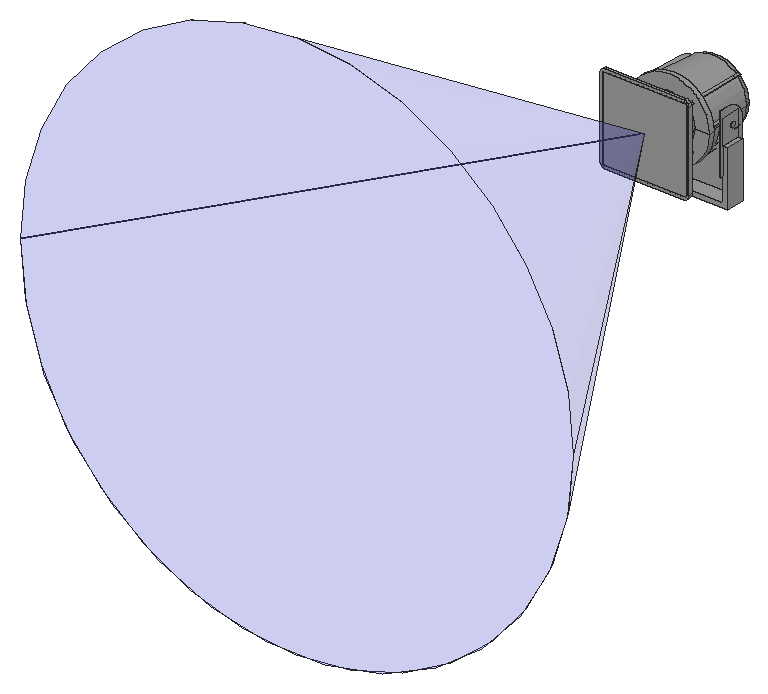
Revit family "AH66-12T-BSG", category Communication Devices, Revit 2014
Parameters (values of type "Full-Range, Outdoor, Horn Loudspeaker")
  Width = 18.46"
  Weight Product = 82
  Warranty = "5 Year"
  Vertical Symmetry = yes
  URL = "www.atlassound.com"
  Transformer Option = yes
  Specification by User (default) = "TBD"
  Speaker Listening Height [instance] = 30.00"
  Speaker Height [instance] = 120.00"
  Speaker Dispersion = 65.00°
  Speaker Cone Visible [instance] = yes
  Sensitivity = 101
  ScheduleType |RF| = "AtlasIED Master"
  SPL Max = 107
  Rotation = 0.00°
  Product Page URL = "https://www.atlasied.com/ah66-12t-bsg"
  Product Documentation Link = "https://www.atlasied.com/f/3022/ATS004767%20AH66-12T-BSG%20Data%20Sheet%20RevA.pdf"
  Power Rating (RMS) = "200 watts"
  Pitch = 0.00°
  OmniClass Title = "SPEAKERS"
  OmniClass Number = "23-37 17 13 19"
  Mount Material = Default
  Model = "AH66-12T-BSG"
  MaterFormat Title = "SPEAKERS"
  MasterFormat = "27 41 13"
  Market = "Commercial, Higher Education, Emergency"
  Manufacturer URL = "https://www.atlasied.com"
  Manufacturer Phone = "(800) 876 - 3333"
  Manufacturer Email = "support@atlasied.com"
  Manufacturer Address = "4545 E. Baseline Rd., Phoenix, AZ 85042"
  Manufacturer = "ATLAS SOUND"
  Ingress Protection = "IP45 When Tilted 5° Downwards"
  Impedance = 8
  IQ Category = "SPEAKERS"
  Height = 23.88"
  HF Driver = "65° H x 65°V HF Horn"
  Grill Material = QF_Plastic - Black - Fine Textured
  Frequency Response  = "80Hz - 15kHz (±5dB)"
  Family Version [instance] = "2017-01"
  Family Code (default) = "LOUD SPEAKERS"
  Enclosure Material = none
  Dispersion Angle = 65.00°
  Description = "12\" 2-WAY STADIUM HORN LOUDSPEAKER SYSTEM 65° X 65°"
  Depth = 21.25"
  Coverage Vertical = 0.00°
  Coverage Horizontal = 65.00°
  Cost MSRP = 1433.99
  Cost = 1433.99
  Color = none
  Body Material = Default
  Baffle Material = none
  Angle [instance] = 0.00°
  70V Taps = "7.5, 15, 30 &, 60 watts"
Reference planes (in)
  plane 1 "Center (Front/Back)": y = 0
  plane 2: z = 0
  plane 3 "Center (Left/Right)": x = 0
  plane 4: z = 23.88
  plane 5: z = 5.42
  plane 6: z = 14.65
  plane 7: x = 9.23
  plane 8: x = -9.23
  plane 9: y = -10.99166
  plane 10: y = 10.25834
Forms (in)
  Extrusion 1, solid, material "Default" <- "Mount Material"
    sketch origin (0, -1.74914, 13.66826) x (0, 0, -1) y (1, 0, 0)
      loop
        line (13.66826, 9.84375) -> (2.17981, 9.84375) -> (2.17981, 8.84375) -> (-2.94519, 8.84375) -> (-2.94519, 8.73875) -> (2.25279, 8.73875) -> (2.25279, 8.84375) -> (12.66826, 8.84375) -> (12.66826, -8.84375) -> (2.25279, -8.84375) -> (2.25279, -8.73875) -> (-2.94519, -8.73875) -> (-2.94519, -8.84375) -> (2.17981, -8.84375) -> (2.17981, -9.84375) -> (13.66826, -9.84375) -> (13.66826, 9.84375)
    from 0 to -3.88
  Revolve 2, solid, material "QF_Metal - Stainless - Polished"
    sketch origin (0, -2.0095, 14.65) x (1, 0, 0) y (0, 1, 0)
      loop
        line (1.06703, 2.0095) -> (2.43821, 2.0095) -> (2.43821, 2.2595) -> (1.06703, 2.2595) -> (1.06703, 2.0095)
      axis (1.06703, 2.0095) -> (2.43821, 2.0095)
    angle from 0 <- "Angle" to 225.204
Dimensions and locks (in)
  "Height": plane 4 to level
  plane 6 to plane 2 = 14.65"  (x2)
  plane 4 to plane 5 = 18.46"
  "Width": plane 8 to plane 7
  "Depth": plane 10 to plane 9
  aligned and locked: plane 2 to level
Automatic sketch dimensions
  Extrusion 1 sketch curve to Extrusion 1 sketch curve = 0.07298"  (x2)
  Extrusion 1 sketch curve to Extrusion 1 sketch curve = 1.00"  (x2)
  Extrusion 1 sketch curve to Extrusion 1 sketch curve = 0.105"  (x2)
  Extrusion 1 sketch curve to Extrusion 1 sketch curve = 0.00"
  Extrusion 1 sketch curve to level = 0.00"
  plane 7 to Extrusion 1 sketch curve = 0.38625"
  Extrusion 1 sketch curve to plane 6 = 3.23453"  (x2)
  Extrusion 1 sketch curve to plane 8 = 0.38625"
  plane 6 to Extrusion 1 sketch curve = 1.96345"  (x2)
  Extrusion 1 sketch curve to plane 8 = 0.49125"
  Extrusion 1 sketch curve to plane 7 = 0.61375"
  plane 1 "Center (Front/Back)" to Revolve 2 sketch curve = 0.00"  (x2)
  plane 3 "Center (Left/Right)" to Revolve 2 sketch curve = 1.06703"
  Revolve 2 sketch curve to plane 1 "Center (Front/Back)" = 0.25"
  Revolve 2 sketch curve to Revolve 2 sketch curve = 1.37117"
  Revolve 2 sketch curve to Revolve 2 sketch curve = 1.06179"
  Revolve 2 sketch curve to Revolve 2 sketch curve = 0.59789"
Nested families (in)
  nested 1: "AH6612TBSG" at (0, 0.29334, 14.65), Speaker Listening Height <- "Speaker Listening Height", Speaker Height <- "Speaker Height", Speaker Dispersion <- "Speaker Dispersion", Speaker Cone Visible <- "Speaker Cone Visible", type "Full-Range, Outdoor, Horn Loudspeaker"
    with Weight Dimensional/Shipping 0, Speaker Listening Height 30.00", Speaker Height 120.00", Speaker Dispersion 65.00°, Speaker Cone Visible yes, Speaker Cone Height 90.00", Radius of Speaker Cone 57.33632", Operating Frequency Range "", Flasher Type "", Flasher Lumens "", Family Version ""
Definition of nested family "AH6612TBSG"
  Parameters (values of type "Full-Range, Outdoor, Horn Loudspeaker")
    Woofer Size = 0
    Woofer Impedence = "8Ω Nominal"
    Width = 18.46"
    Weight Product = 82
    Weight Dimensional/Shipping [instance] = 0
    Weight Dimensional = 0
    Warranty = ""
    Voltage DC = ""
    Voltage AC = ""
    Viewable Dimensions (HxW) = 0
    Vertical Symmetry = yes
    URL = "www.atlassound.com"
    Type Driver = "1\" HF and 12\" LF"
    Transformer Option = yes
    Sustainability Rating = ""
    Splay Angle Minimum = 0.00°
    Splay Angle Maximum = 0.00°
    Specification by User (default) = ""
    Specification by Manufacturer = ""
    Speaker Type = ""
    Speaker Listening Height [instance] = 30.00"
    Speaker Height [instance] = 120.00"
    Speaker Dispersion [instance] = 65.00°
    Speaker Data Link = ""
    Speaker Cone Visible [instance] = no
    Speaker Cone Height [instance] = (Speaker Height - Speaker Listening Height)  # 90.00"
    Shipping Dimensions = ""
    Serial Number = ""
    Sensitivity 5 = 0
    Sensitivity 4 = 0
    Sensitivity 3 = 0
    Sensitivity 2 = 0
    Sensitivity = 101
    Seismic Rating = ""
    ScheduleType |RF| = "AtlasIED Master"
    Safety Features = ""
    Safety Agency Ratings = ""
    SPL Stimulus = ""
    SPL Measurement Bandwidth = ""
    SPL Max = 107
    Rotation = 0.00°
    Regulatory Compliance = ""
    Recommended Signal Processing = ""
    Recommended Power Amplification = ""
    Radius of Speaker Cone [instance] = (Speaker Cone Height) * tan(Speaker Dispersion / 2)  # 57.33632"
    Product Page URL = "https://www.atlasied.com/ah66-12t-bsg"
    Product Documentation Link = "https://www.atlasied.com/f/3022/ATS004767%20AH66-12T-BSG%20Data%20Sheet%20RevA.pdf"
    Power Standby = 0
    Power Rating (RMS) = "200 watts"
    Power Peak = 0
    Power Handling 5 = 0
    Power Handling 4 = 0
    Power Handling 3 = 0
    Power Handling 2 = 0
    Power Handling = 0
    Power Factor = 0
    Power Active = 0
    Pitch = 0.00°
    Part Number = "AH66-12T-BSG"
    Outdoor/Weather Rating = ""
    Operation Mode = ""
    Operating Frequency Range [instance] = ""
    OmniClass Title = "SPEAKERS"
    OmniClass Number = "23-37 17 13 19"
    Number of Bands = 0
    Noise = 0
    Mounting/Rigging Provisions = ""
    Mount Material = Default
    Model = "AH66-12T-BSG"
    Minimum Impedence = ""
    Maximum Output = ""
    Max Input Ratings (8Ω) = ""
    Max Character Height = 0
    MaterFormat Title = ""
    MasterFormat = "27 41 13"
    Market = "Commercial, Higher Education, Emergency"
    Manufacturer URL = "https://www.atlasied.com"
    Manufacturer Phone = "(800) 876 - 3333"
    Manufacturer Email = "support@atlasied.com"
    Manufacturer Address = "4545 E. Baseline Rd., Phoenix, AZ 85042"
    Manufacturer = "ATLAS SOUND"
    Loudspeaker Level = ""
    Input Connectors = ""
    Ingress Protection = "IP45 When Tilted 5° Downwards"
    Impedance 5 = 0
    Impedance 4 = 0
    Impedance 3 = 0
    Impedance 2 = 0
    Impedance = 8
    IQ Category = "SPEAKERS"
    Horizontal Symmetry = yes
    Height = 23.88"
    Heat Load Standby = 0
    Heat Load Active = 0
    HF Driver = "65° H x 65°V HF Horn"
    Grill Material = QF_Plastic - Black - Fine Textured
    Frequency Response  = "80Hz - 15kHz (±5dB)"
    Flasher Type [instance] = ""
    Flasher Lumens Rating = ""
    Flasher Lumens [instance] = ""
    Family Version [instance] = ""
    Family Code (default) = ""
    Extended Low Frequency Response = ""
    Environmental Testing = ""
    Enclusure Volume = 0
    Enclosure Material = none
    Dispersion Angle = 65.00°
    Diameter = 0
    Description = "12\" 2-WAY STADIUM HORN LOUDSPEAKER SYSTEM 65° X 65°"
    Depth = 21.25"
    Cutout Diameter = 0
    Current Draw = 0
    Crossover Frequency = "1.8kHz"
    Coverage Vertical = 65.00°
    Coverage Horizontal = 65.00°
    Coverage = ""
    Cost MSRP = 1433.99
    Controls = ""
    Communication Ports = ""
    Communication Formats = ""
    Color = none
    Body Material = Default
    Baffle Material = none
    Azimuth = 0.00°
    70V Taps = "7.5, 15, 30 &, 60 watts"
    25V Taps = "0.00 W"
    100V Taps = "0.00 W"
  Reference planes (in)
    plane 1 "Center (Front/Back)": y = 0
    plane 2: z = 0
    plane 3 "Center (Left/Right)": x = 0
    plane 4: z = 23.88
    plane 5: z = 5.42
    plane 6: y = 9.965
    plane 7: y = -11.285
    plane 8: x = 9.23
    plane 9: x = -9.23
  Forms (in)
    Extrusion 1, solid, material "Default" <- "Body Material"
      sketch origin (16.84763, -11.285, 31.55) x (1, 0, 0) y (0, 0, 1)
        loop
          line (-7.61763, -39.7175) -> (-7.61763, -23.3825)
          arc (-7.61763, -23.3825) -> (-7.92882, -22.6312) -> (-8.68013, -22.32) r 1.0625
          line (-8.68013, -22.32) -> (-25.01513, -22.32)
          arc (-25.01513, -22.32) -> (-25.76643, -22.6312) -> (-26.07763, -23.3825) r 1.0625
          line (-26.07763, -23.3825) -> (-26.07763, -39.7175)
          arc (-26.07763, -39.7175) -> (-25.76643, -40.4688) -> (-25.01513, -40.78) r 1.0625
          line (-25.01513, -40.78) -> (-8.68013, -40.78)
          arc (-8.68013, -40.78) -> (-7.92882, -40.4688) -> (-7.61763, -39.7175) r 1.0625
        loop
          line (-8.68013, -22.82) -> (-25.01513, -22.82)
          arc (-25.01513, -22.82) -> (-25.41287, -22.98475) -> (-25.57763, -23.3825) r 0.5625
          line (-25.57763, -23.3825) -> (-25.57763, -39.7175)
          arc (-25.57763, -39.7175) -> (-25.41287, -40.11525) -> (-25.01513, -40.28) r 0.5625
          line (-25.01513, -40.28) -> (-8.68013, -40.28)
          arc (-8.68013, -40.28) -> (-8.28238, -40.11525) -> (-8.11763, -39.7175) r 0.5625
          line (-8.11763, -39.7175) -> (-8.11763, -23.3825)
          arc (-8.11763, -23.3825) -> (-8.28238, -22.98475) -> (-8.68013, -22.82) r 0.5625
      from 0 to -0.58306
    Extrusion 2, solid, material "Default" <- "Mount Material"
      sketch origin (8.60875, 1.86858, 1.11103) x (0, -1, 0) y (0, 0, -1)
        loop
          line (4.42282, -2.34844) -> (4.42282, 9.9001) -> (-1.1361, 9.9001) -> (-1.1361, 1.03125)
          arc (-1.1361, 1.03125) -> (-0.14621, -1.35855) -> (2.24358, -2.34844) r 3.37968
          line (2.24358, -2.34844) -> (4.42282, -2.34844)
      from 0 to 0.13
    Extrusion 3, solid, material "Default" <- "Mount Material"
      sketch origin (-8.55853, 1.86858, 1.11103) x (0, -1, 0) y (0, 0, 1)
        loop
          arc (2.24358, 2.34844) -> (-0.14621, 1.35855) -> (-1.1361, -1.03125) r 3.37968
          line (-1.1361, -1.03125) -> (-1.1361, -9.9001) -> (4.42282, -9.9001) -> (4.42282, 2.34844) -> (2.24358, 2.34844)
      from 0 to 0.13
    Extrusion 4, solid, material "Default" <- "Mount Material"
      sketch origin (0, -1.61914, -0.98174) x (0, 0, -1) y (1, 0, 0)
        loop
          line (-2.09278, 8.60875) -> (-2.09278, 7.78122)
          arc (-2.09278, 7.78122) -> (6.8784, 0) -> (-2.09278, -7.78122) r 7.86014
          line (-2.09278, -7.78122) -> (-2.09278, -8.60875) -> (10.54326, -8.60875) -> (10.54326, 8.60875) -> (-2.09278, 8.60875)
      from 0 to 0.13
    Extrusion 5, solid, material "Default" <- "Mount Material"
      sketch origin (-8.84375, -1.74914, 4) x (0, 0, -1) y (0, -1, 0)
        loop
          line (3.72922, -2.4115) -> (4.27078, -2.4115) -> (4.54155, -1.9425) -> (4.27078, -1.4735) -> (3.72922, -1.4735) -> (3.45845, -1.9425) -> (3.72922, -2.4115)
      from 0 to 0.333
    Extrusion 6, solid, material "Default" <- "Mount Material"
      sketch origin (8.84375, -1.74914, 1) x (0, 0, -1) y (0, 1, 0)
        loop
          line (0.72922, 2.4115) -> (0.45845, 1.9425) -> (0.72922, 1.4735) -> (1.27078, 1.4735) -> (1.54155, 1.9425) -> (1.27078, 2.4115) -> (0.72922, 2.4115)
      from 0 to 0.333
    Extrusion 7, solid, material "Default" <- "Body Material"
      sketch origin (0, -4.78727, 0) x (0, -1, 0) y (1, 0, 0)
        loop
          arc (-14.82127, 0.2489) -> (-16.07831, -0.0011) -> (-14.82127, -0.2511) r 0.65338
          line (-14.82127, -0.2511) -> (-14.50416, -0.2511) -> (-14.50416, 0.2489) -> (-14.82127, 0.2489)
        loop
          circle (-15.42493, -0.0011) r 0.40338
      from -0.08174 to 0.07955
    Extrusion 8, solid, material "Default" <- "Mount Material"
      sketch origin (9.54326, -1.61914, 1.11103) x (-1, 0, 0) y (0, -1, 0)
        loop
          line (16.84797, -3.48773) -> (18.10179, -3.48773) -> (18.10179, 2.16843) -> (17.34282, 2.16843) -> (16.84797, -3.48773)
        loop
          line (2.1381, -3.48773) -> (1.64325, 2.16843) -> (0.9345, 2.16843) -> (0.9345, -3.48773) -> (2.1381, -3.48773)
      from 0 to 0.13
    Extrusion 9, solid, material "QF_Plastic - Black - Fine Textured" <- "Grill Material"
      sketch origin (16.84763, -11.285, 31.55) x (1, 0, 0) y (0, 0, 1)
        loop
          line (-25.57763, -23.3825) -> (-25.57763, -39.7175)
          arc (-25.57763, -39.7175) -> (-25.41287, -40.11525) -> (-25.01513, -40.28) r 0.5625
          line (-25.01513, -40.28) -> (-8.68013, -40.28)
          arc (-8.68013, -40.28) -> (-8.28238, -40.11525) -> (-8.11763, -39.7175) r 0.5625
          line (-8.11763, -39.7175) -> (-8.11763, -23.3825)
          arc (-8.11763, -23.3825) -> (-8.28238, -22.98475) -> (-8.68013, -22.82) r 0.5625
          line (-8.68013, -22.82) -> (-25.01513, -22.82)
          arc (-25.01513, -22.82) -> (-25.41287, -22.98475) -> (-25.57763, -23.3825) r 0.5625
      from 0 to -0.25
    Revolve 10, solid, material "Default" <- "Body Material"
      sketch origin (0, 0, 0) x (1, 0, 0) y (0, 1, 0)
        loop
          arc (0, 9.965) -> (-3.38674, 9.347) -> (-6.34293, 7.58267) r 9.67883
          arc (-6.34293, 7.58267) -> (-6.76419, 7.05236) -> (-6.96827, 6.40657) r 1.86473
          line (-6.96827, 6.40657) -> (-7.86014, -3.78757) -> (-8.33174, -3.78757) -> (-8.33174, -4.78727) -> (-5.17455, -4.78727) -> (-8.44875, -10.70194) -> (0, -10.70194) -> (0, 9.965)
        axis (0, -10.70194) -> (0, 9.965)
      angle from 0 to 360
    Extrusion 11, solid, material "Default" <- "Body Material"
      sketch origin (-9.66492, 0, -9.69928) x (0, 1, 0) y (-0.707107, 0, -0.707107)
        loop
          line (-10.70194, -21.48392) -> (-4.78727, -20.42367) -> (-4.78727, -18.8428) -> (-10.70194, -21.17171) -> (-10.70194, -21.48392)
        loop
          line (-3.78757, -21.5284) -> (-3.78757, -21.7819) -> (4.91524, -21.47799)
          arc (4.91524, -21.47799) -> (6.13538, -21.15332) -> (7.2165, -20.50116) r 4.48087
          arc (7.2165, -20.50116) -> (8.46272, -19.06253) -> (9.1479, -17.28678) r 5.53481
          arc (9.1479, -17.28678) -> (8.11325, -19.13201) -> (6.60839, -20.61887) r 7.56991
          line (6.60839, -20.61887) -> (-3.78757, -21.5284)
        loop
          line (-3.78757, -5.80811) -> (6.60839, -6.71764)
          arc (6.60839, -6.71764) -> (8.11325, -8.2045) -> (9.1479, -10.04973) r 7.56991
          arc (9.1479, -10.04973) -> (8.46272, -8.27398) -> (7.2165, -6.83535) r 5.53481
          arc (7.2165, -6.83535) -> (6.13538, -6.18319) -> (4.91524, -5.85852) r 4.48087
          line (4.91524, -5.85852) -> (-3.78757, -5.55461) -> (-3.78757, -5.80811)
        loop
          line (-10.70194, -5.85259) -> (-10.70194, -6.1648) -> (-4.78727, -8.49371) -> (-4.78727, -6.91284) -> (-10.70194, -5.85259)
      from -0.25 to 0.25
    Extrusion 12, solid, material "Default" <- "Body Material"
      sketch origin (9.66492, 0, -9.66492) x (0, 1, 0) y (-0.707107, 0, 0.707107)
        loop
          line (-10.70194, 21.48392) -> (-10.70194, 21.17171) -> (-4.78727, 18.8428) -> (-4.78727, 20.42367) -> (-10.70194, 21.48392)
        loop
          line (-3.78757, 21.5284) -> (6.60839, 20.61887)
          arc (6.60839, 20.61887) -> (8.11325, 19.13201) -> (9.1479, 17.28678) r 7.56991
          arc (9.1479, 17.28678) -> (8.46272, 19.06253) -> (7.2165, 20.50116) r 5.53481
          arc (7.2165, 20.50116) -> (6.13538, 21.15332) -> (4.91524, 21.47799) r 4.48087
          line (4.91524, 21.47799) -> (-3.78757, 21.7819) -> (-3.78757, 21.5284)
        loop
          line (-3.78757, 5.80811) -> (-3.78757, 5.55461) -> (4.91524, 5.85852)
          arc (4.91524, 5.85852) -> (6.13538, 6.18319) -> (7.2165, 6.83535) r 4.48087
          arc (7.2165, 6.83535) -> (8.46272, 8.27398) -> (9.1479, 10.04973) r 5.53481
          arc (9.1479, 10.04973) -> (8.11325, 8.2045) -> (6.60839, 6.71764) r 7.56991
          line (6.60839, 6.71764) -> (-3.78757, 5.80811)
        loop
          line (-10.70194, 5.85259) -> (-4.78727, 6.91284) -> (-4.78727, 8.49371) -> (-10.70194, 6.1648) -> (-10.70194, 5.85259)
      from -0.25 to 0.25
    Extrusion 13, solid, material "Default" <- "Body Material"
      sketch origin (16.84763, -11.035, 31.55) x (-1, 0, 0) y (0, 0, 1)
        loop
          arc (25.57763, -23.3825) -> (25.41287, -22.98475) -> (25.01513, -22.82) r 0.5625
          line (25.01513, -22.82) -> (8.68013, -22.82)
          arc (8.68013, -22.82) -> (8.28238, -22.98475) -> (8.11763, -23.3825) r 0.5625
          line (8.11763, -23.3825) -> (8.11763, -39.7175)
          arc (8.11763, -39.7175) -> (8.28238, -40.11525) -> (8.68013, -40.28) r 0.5625
          line (8.68013, -40.28) -> (25.01513, -40.28)
          arc (25.01513, -40.28) -> (25.41287, -40.11525) -> (25.57763, -39.7175) r 0.5625
          line (25.57763, -39.7175) -> (25.57763, -23.3825)
      from 0 to 0.25
    Blend 14, solid, material "Glass", visible <- "Speaker Cone Visible"
      base sketch origin (0, -11.285, -0.09521) x (1, 0, 0) y (0, 0, 1)
        loop
          circle (0, 0.09521) r 57.33632
      top sketch origin (0, -11.285, -0.09521) x (1, 0, 0) y (0, 0, 1)
        loop
          circle (0, 0.09521) r 0.13513
      from 90 <- "Speaker Cone Height" to 0
  Lines and regions (in)
    symbolic lines
      curve 1: line (-9.23, -11.285, 0) -> (9.23, -11.285, 0)
      curve 2: line (-9.23, -10.70194, 0) -> (-9.23, -11.285, 0)
      curve 3: line (9.23, -10.70194, 0) -> (-9.23, -10.70194, 0)
      curve 4: line (9.23, -11.285, 0) -> (9.23, -10.70194, 0)
      curve 5: arc (-0.0011, 11.04105, 0) -> (0.40228, 10.63767, 0) -> (-0.0011, 10.23429, 0) r 0.40338
      curve 6: arc (-0.0011, 10.23429, 0) -> (-0.40448, 10.63767, 0) -> (-0.0011, 11.04105, 0) r 0.40338
      curve 7: arc (0.2489, 10.03401, 0) -> (-0.0011, 11.29105, 0) -> (-0.2511, 10.03401, 0) r 0.65338
      curve 8: line (-8.33174, -4.78727, 0) -> (8.33174, -4.78727, 0)
      curve 9: line (3.48218, -4.78727, 0) -> (5.12896, -10.70194, 0)
      curve 10: line (5.34973, -10.70194, 0) -> (4.60003, -4.78727, 0)
      curve 11: line (4.95358, -4.78727, 0) -> (5.70328, -10.70194, 0)
      curve 12: line (-5.12896, -10.70194, 0) -> (-3.48218, -4.78727, 0)
      curve 13: line (-4.60003, -4.78727, 0) -> (-5.34973, -10.70194, 0)
      curve 14: line (-5.70328, -10.70194, 0) -> (-4.95358, -4.78727, 0)
      curve 15: line (-8.41887, -10.70194, 0) -> (-5.14032, -4.78727, 0)
      curve 16: line (8.55516, -10.70194, 0) -> (5.14032, -4.78727, 0)
      curve 17: line (-5.91399, -3.78757, 0) -> (-5.69909, 4.91524, 0)
      curve 18: line (-5.34554, 4.91524, 0) -> (-5.56044, -3.78757, 0)
      curve 19: spline (-4.65482, 7.2165, 0) -> (-4.74641, 7.0498, 0) -> (-4.83235, 6.87718, 0) -> (-4.91245, 6.69903, 0) -> (-4.98652, 6.51574, 0) -> (-5.05441, 6.32771, 0) -> (-5.11596, 6.13538, 0) -> (-5.17104, 5.93916, 0) -> (-5.21952, 5.73948, 0) -> (-5.26129, 5.5368, 0) -> (-5.29627, 5.33156, 0) -> (-5.32437, 5.12422, 0) -> (-5.34554, 4.91524, 0)
      curve 20: spline (-5.69909, 4.91524, 0) -> (-5.67793, 5.12422, 0) -> (-5.64982, 5.33156, 0) -> (-5.61484, 5.5368, 0) -> (-5.57307, 5.73948, 0) -> (-5.52459, 5.93916, 0) -> (-5.46951, 6.13538, 0) -> (-5.40797, 6.32771, 0) -> (-5.34008, 6.51574, 0) -> (-5.266, 6.69903, 0) -> (-5.18591, 6.87718, 0) -> (-5.09997, 7.0498, 0) -> (-5.00837, 7.2165, 0)
      curve 21: spline (-1.79862, 9.24763, 0) -> (-2.07212, 9.21652, 0) -> (-2.34341, 9.15839, 0) -> (-2.61115, 9.07353, 0) -> (-2.87402, 8.96234, 0) -> (-3.13075, 8.82538, 0) -> (-3.38005, 8.66331, 0) -> (-3.62072, 8.47694, 0) -> (-3.85156, 8.26719, 0) -> (-4.07144, 8.03507, 0) -> (-4.27928, 7.78174, 0) -> (-4.47406, 7.50844, 0) -> (-4.65482, 7.2165, 0)
      curve 22: spline (-5.00837, 7.2165, 0) -> (-4.80735, 7.5387, 0) -> (-4.58926, 7.83788, 0) -> (-4.35542, 8.11223, 0) -> (-4.10723, 8.3601, 0) -> (-3.84619, 8.57999, 0) -> (-3.57388, 8.77058, 0) -> (-3.29193, 8.93072, 0) -> (-3.00205, 9.05945, 0) -> (-2.70598, 9.15598, 0) -> (-2.40551, 9.21975, 0) -> (-2.10245, 9.25036, 0) -> (-1.79862, 9.24763, 0)
      curve 23: line (-5.38118, -3.78757, 0) -> (-4.70608, 7.12522, 0)
      curve 24: line (4.70198, 7.19144, 0) -> (5.38118, -3.78757, 0)
      curve 25: line (5.56044, -3.78757, 0) -> (5.34554, 4.91524, 0)
      curve 26: line (5.69909, 4.91524, 0) -> (5.91399, -3.78757, 0)
      curve 27: spline (5.34554, 4.91524, 0) -> (5.32437, 5.12422, 0) -> (5.29627, 5.33156, 0) -> (5.26129, 5.5368, 0) -> (5.21952, 5.73948, 0) -> (5.17104, 5.93916, 0) -> (5.11596, 6.13538, 0) -> (5.05441, 6.32771, 0) -> (4.98652, 6.51574, 0) -> (4.91245, 6.69903, 0) -> (4.83235, 6.87718, 0) -> (4.74641, 7.0498, 0) -> (4.65482, 7.2165, 0)
      curve 28: spline (5.00837, 7.2165, 0) -> (5.09997, 7.0498, 0) -> (5.18591, 6.87718, 0) -> (5.266, 6.69903, 0) -> (5.34008, 6.51574, 0) -> (5.40797, 6.32771, 0) -> (5.46951, 6.13538, 0) -> (5.52459, 5.93916, 0) -> (5.57307, 5.73948, 0) -> (5.61484, 5.5368, 0) -> (5.64982, 5.33156, 0) -> (5.67793, 5.12422, 0) -> (5.69909, 4.91524, 0)
      curve 29: spline (4.65482, 7.2165, 0) -> (4.47406, 7.50844, 0) -> (4.27928, 7.78174, 0) -> (4.07144, 8.03507, 0) -> (3.85156, 8.26719, 0) -> (3.62072, 8.47694, 0) -> (3.38005, 8.66331, 0) -> (3.13075, 8.82538, 0) -> (2.87402, 8.96234, 0) -> (2.61115, 9.07353, 0) -> (2.34341, 9.15839, 0) -> (2.07212, 9.21652, 0) -> (1.79862, 9.24763, 0)
      curve 30: spline (1.79862, 9.24763, 0) -> (2.10245, 9.25036, 0) -> (2.40551, 9.21975, 0) -> (2.70598, 9.15598, 0) -> (3.00205, 9.05945, 0) -> (3.29193, 8.93072, 0) -> (3.57388, 8.77058, 0) -> (3.84619, 8.57999, 0) -> (4.10723, 8.3601, 0) -> (4.35542, 8.11223, 0) -> (4.58926, 7.83788, 0) -> (4.80735, 7.5387, 0) -> (5.00837, 7.2165, 0)
      curve 31: line (0.2489, 10.03401, 0) -> (0.2489, 9.9618, 0)
      curve 32: line (-0.2511, 10.03401, 0) -> (-0.2511, 9.96174, 0)
      curve 33: arc (-6.46682, 7.48396, 0) -> (-6.83167, 6.99838, 0) -> (-6.96827, 6.40657, 0) r 1.46527
      curve 34: line (-6.96827, 6.40657, 0) -> (-7.86162, -3.80443, 0)
      curve 35: line (-9.84375, 2.13086, 0) -> (-8.73875, 2.13086, 0)
      curve 36: line (-9.84375, 2.13086, 0) -> (-9.84375, -1.74914, 0)
      curve 37: line (-9.84375, -1.74914, 0) -> (-8.73875, -1.74914, 0)
      curve 38: line (-8.73875, 3.37968, 0) -> (-8.60875, 3.37968, 0)
      curve 39: line (-8.73875, -2.92923, 0) -> (-8.73875, 3.37968, 0)
      curve 40: line (-8.60875, -2.92923, 0) -> (-8.73875, -2.92923, 0)
      curve 41: line (-8.60875, 3.37968, 0) -> (-8.60875, -3.78757, 0)
      curve 42: line (-8.84375, 2.13086, 0) -> (-8.84375, -1.74914, 0)
      curve 43: line (-8.60875, 2.13086, 0) -> (-7.34235, 2.13086, 0)
      curve 44: line (-8.33174, -4.78727, 0) -> (-8.33174, -3.78757, 0)
      curve 45: line (-8.60875, -3.78757, 0) -> (8.60875, -3.78757, 0)
      curve 46: line (8.60875, -3.78757, 0) -> (8.60875, 3.37968, 0)
      curve 47: line (8.60875, 3.37968, 0) -> (8.73875, 3.37968, 0)
      curve 48: line (8.73875, 3.37968, 0) -> (8.73875, -2.92923, 0)
      curve 49: line (8.73875, -2.92923, 0) -> (8.60875, -2.92923, 0)
      curve 50: line (9.84375, -1.74914, 0) -> (8.73875, -1.74914, 0)
      curve 51: line (9.84375, -1.74914, 0) -> (9.84375, 2.13086, 0)
      curve 52: line (9.84375, 2.13086, 0) -> (8.73875, 2.13086, 0)
      curve 53: line (8.60875, 2.13086, 0) -> (7.35875, 2.13086, 0)
      curve 54: line (7.84978, -3.78757, 0) -> (6.96827, 6.40657, 0)
      curve 55: arc (6.46682, 7.48396, 0) -> (6.83167, 6.99838, 0) -> (6.96827, 6.40657, 0) r 1.46527
      curve 56: arc (-6.46682, 7.48396, 0) -> (0, 9.965, 0) -> (6.46682, 7.48396, 0) r 9.66838
      curve 57: line (8.33174, -4.78727, 0) -> (8.33174, -3.78757, 0)
    symbolic lines, style "Sound Projection Average", visible <- "Speaker Cone Visible"
      curve 58: line (-40.53165, -101.285, 0) -> (40.53165, -101.285, 0)
      curve 59: line (57.33632, -101.285, 0) -> (0.12632, -11.285, 0)
      curve 60: line (-57.33632, -101.285, 0) -> (-0.12632, -11.285, 0)
  Dimensions and locks (in)
    "Height": plane 4 to level
    "Depth": plane 7 to plane 6
    plane 4 to plane 5 = 18.46"
    "Width": plane 9 to plane 8
    "Radius of Speaker Cone": radius of Blend 14 sketch curve
    aligned and locked: plane 2 to level
  Automatic sketch dimensions
    Extrusion 1 sketch curve to Extrusion 1 sketch curve = 0.00"  (x8)
    plane 9 to Extrusion 1 sketch curve = 0.00"
    plane 8 to Extrusion 1 sketch curve = 0.00"
    Extrusion 1 sketch curve to plane 9 = 0.50"
    Extrusion 1 sketch curve to Extrusion 1 sketch curve = 0.5625"  (x3)
    plane 8 to Extrusion 1 sketch curve = 1.0625"
    Extrusion 1 sketch curve to level = 9.23"
    Extrusion 1 sketch curve to plane 5 = 2.7475"
    Extrusion 2 sketch curve to Extrusion 8 = 1.1361"
    Extrusion 2 sketch curve to Extrusion 8 = 1.03125"
    Extrusion 8 to Extrusion 2 sketch curve = 2.24358"
    Extrusion 8 to Extrusion 2 sketch curve = 1.23334"
    Extrusion 2 sketch curve to Extrusion 2 sketch curve = 8.86885"
    Extrusion 3 sketch curve to Extrusion 8 = 1.1361"
    Extrusion 3 sketch curve to Extrusion 8 = 1.03125"
    Extrusion 8 to Extrusion 3 sketch curve = 2.24358"
    Extrusion 3 sketch curve to Extrusion 8 = 1.23334"
    Extrusion 3 sketch curve to Extrusion 3 sketch curve = 8.86885"
    Extrusion 4 sketch curve to level = 0.00"
    Extrusion 4 sketch curve to plane 3 "Center (Left/Right)" = 0.00"
    level to Extrusion 4 sketch curve = 1.11103"  (x2)
    Extrusion 4 sketch curve to plane 9 = 0.62125"
    Extrusion 4 sketch curve to level = 11.525"
    Extrusion 4 sketch curve to Extrusion 4 sketch curve = 0.82753"
    plane 8 to Extrusion 4 sketch curve = 0.62125"
    Extrusion 5 sketch curve to plane 1 "Center (Front/Back)" = 0.19336"  (x2)
    level to Extrusion 5 sketch curve = 0.54155"
    level to Extrusion 5 sketch curve = 0.27078"  (x2)
    Extrusion 5 sketch curve to level = 0.27078"  (x2)
    Extrusion 5 sketch curve to Extrusion 5 sketch curve = 0.27078"
    Extrusion 5 sketch curve to Extrusion 5 sketch curve = 0.469"
    plane 1 "Center (Front/Back)" to Extrusion 5 sketch curve = 0.27564"
    Extrusion 6 sketch curve to plane 1 "Center (Front/Back)" = 0.19336"  (x2)
    level to Extrusion 6 sketch curve = 0.54155"
    level to Extrusion 6 sketch curve = 0.27078"  (x2)
    Extrusion 6 sketch curve to level = 0.27078"  (x2)
    Extrusion 6 sketch curve to Extrusion 6 sketch curve = 0.27078"
    plane 1 "Center (Front/Back)" to Extrusion 6 sketch curve = 0.27564"
    Extrusion 6 sketch curve to Extrusion 6 sketch curve = 0.469"
    Extrusion 7 sketch curve to Extrusion 7 sketch curve = 0.00"  (x2)
    Extrusion 7 sketch curve to plane 3 "Center (Left/Right)" = 0.0011"
    Extrusion 7 sketch curve to plane 6 = 0.67267"
    Extrusion 7 sketch curve to plane 6 = 0.06901"  (x2)
    plane 6 to Extrusion 7 sketch curve = 0.24811"
    Extrusion 7 sketch curve to plane 3 "Center (Left/Right)" = 0.2511"
    Extrusion 8 sketch curve to Extrusion 4 = 0.00"
    Extrusion 8 sketch curve to Extrusion 4 = 0.11878"
    Extrusion 4 to Extrusion 8 sketch curve = 0.37606"
    Extrusion 8 sketch curve to Extrusion 4 = 3.48773"  (x2)
    Extrusion 8 sketch curve to Extrusion 8 sketch curve = 14.70987"
    Extrusion 8 sketch curve to Extrusion 4 = 2.03843"  (x2)
    Extrusion 8 sketch curve to Extrusion 8 sketch curve = 0.49485"
    Extrusion 8 sketch curve to Extrusion 8 sketch curve = 1.25382"
    Extrusion 9 sketch curve to plane 9 = 0.50"
    Extrusion 9 sketch curve to Extrusion 9 sketch curve = 0.5625"  (x2)
    plane 8 to Extrusion 9 sketch curve = 1.0625"  (x2)
    plane 8 to Extrusion 9 sketch curve = 0.50"
    Extrusion 9 sketch curve to level = 8.73"
    Extrusion 9 sketch curve to plane 5 = 2.7475"
    Revolve 10 sketch curve to plane 3 "Center (Left/Right)" = 0.00"  (x2)
    plane 6 to Revolve 10 sketch curve = 0.00"
    Revolve 10 sketch curve to plane 9 = 4.11227"
    Revolve 10 sketch curve to plane 9 = 4.05545"
    Revolve 10 sketch curve to Revolve 10 sketch curve = 1.85054"
    Revolve 10 sketch curve to plane 9 = 1.36986"
    Revolve 10 sketch curve to Revolve 10 sketch curve = 0.4716"
    Revolve 10 sketch curve to plane 9 = 0.78125"
    plane 3 "Center (Left/Right)" to Revolve 10 sketch curve = 0.0164"
    plane 6 to Revolve 10 sketch curve = 3.55843"
    Revolve 10 sketch curve to Revolve 10 sketch curve = 0.22965"
    Revolve 10 sketch curve to plane 1 "Center (Front/Back)" = 0.28619"
    plane 1 "Center (Front/Back)" to Revolve 10 sketch curve = 3.78757"
    Revolve 10 sketch curve to Revolve 10 sketch curve = 0.9997"
    Revolve 10 sketch curve to plane 7 = 0.58306"
    Revolve 10 sketch curve to plane 6 = 11.41586"
    Revolve 10 sketch curve to Revolve 10 sketch curve = 0.75"
    Extrusion 11 sketch curve to plane 7 = 0.58306"  (x2)
    plane 1 "Center (Front/Back)" to Extrusion 11 sketch curve = 4.78727"  (x2)
    Extrusion 11 sketch curve to Extrusion 11 sketch curve = 0.9997"  (x2)
    Extrusion 11 sketch curve to plane 1 "Center (Front/Back)" = 2.09258"
    Extrusion 11 sketch curve to Extrusion 11 sketch curve = 0.00"  (x3)
    Extrusion 11 sketch curve to Extrusion 11 sketch curve = 1.62588"  (x2)
    Extrusion 11 sketch curve to Extrusion 11 sketch curve = 0.6661"  (x2)
    Extrusion 11 sketch curve to Extrusion 11 sketch curve = 0.53068"  (x2)
    Extrusion 11 sketch curve to Extrusion 11 sketch curve = 1.69315"  (x2)
    Extrusion 11 sketch curve to Extrusion 11 sketch curve = 0.2535"  (x2)
    Extrusion 11 sketch curve to Extrusion 11 sketch curve = 0.04448"
    Extrusion 11 sketch curve to Extrusion 11 sketch curve = 0.05041"
    Extrusion 11 sketch curve to Extrusion 11 sketch curve = 0.31221"  (x2)
    Extrusion 11 sketch curve to Extrusion 11 sketch curve = 0.85912"  (x2)
    Extrusion 11 sketch curve to Extrusion 11 sketch curve = 1.10472"  (x2)
    Extrusion 11 sketch curve to Extrusion 11 sketch curve = 1.58087"  (x2)
    Extrusion 11 sketch curve to Extrusion 11 sketch curve = 3.59021"  (x2)
    Extrusion 11 sketch curve to Extrusion 11 sketch curve = 0.81677"  (x2)
    Extrusion 11 sketch curve to Extrusion 11 sketch curve = 1.66846"  (x2)
    Extrusion 11 sketch curve to Extrusion 11 sketch curve = 1.75034"
    Extrusion 11 sketch curve to Extrusion 11 sketch curve = 4.29938"
    Extrusion 11 sketch curve to Extrusion 11 sketch curve = 0.74803"
    Extrusion 12 sketch curve to plane 7 = 0.58306"  (x2)
    plane 1 "Center (Front/Back)" to Extrusion 12 sketch curve = 4.78727"  (x2)
    Extrusion 12 sketch curve to Extrusion 12 sketch curve = 0.9997"  (x2)
    Extrusion 12 sketch curve to plane 1 "Center (Front/Back)" = 2.09258"
    Extrusion 12 sketch curve to Extrusion 12 sketch curve = 0.00"  (x3)
    Extrusion 12 sketch curve to Extrusion 12 sketch curve = 1.62588"  (x2)
    Extrusion 12 sketch curve to Extrusion 12 sketch curve = 0.6661"  (x2)
    Extrusion 12 sketch curve to Extrusion 12 sketch curve = 0.53068"  (x2)
    Extrusion 12 sketch curve to Extrusion 12 sketch curve = 1.69315"  (x2)
    Extrusion 12 sketch curve to Extrusion 12 sketch curve = 0.2535"  (x2)
    Extrusion 12 sketch curve to Extrusion 12 sketch curve = 0.04448"
    Extrusion 12 sketch curve to Extrusion 12 sketch curve = 0.05041"
    Extrusion 12 sketch curve to Extrusion 12 sketch curve = 0.31221"  (x2)
    Extrusion 12 sketch curve to Extrusion 12 sketch curve = 0.85912"  (x2)
    Extrusion 12 sketch curve to Extrusion 12 sketch curve = 1.10472"  (x2)
    Extrusion 12 sketch curve to Extrusion 12 sketch curve = 1.58087"  (x2)
    Extrusion 12 sketch curve to Extrusion 12 sketch curve = 3.59021"  (x2)
    Extrusion 12 sketch curve to Extrusion 12 sketch curve = 0.81677"  (x2)
    Extrusion 12 sketch curve to Extrusion 12 sketch curve = 1.66846"  (x2)
    Extrusion 12 sketch curve to Extrusion 12 sketch curve = 1.75034"
    Extrusion 12 sketch curve to Extrusion 12 sketch curve = 4.29938"
    Extrusion 12 sketch curve to Extrusion 12 sketch curve = 0.74803"
    Extrusion 13 sketch curve to Extrusion 9 = 0.5625"
    Extrusion 13 sketch curve to Extrusion 13 sketch curve = 0.5625"
    Blend 14 sketch curve to level = 0.00"  (x2)
    Blend 14 sketch curve to plane 3 "Center (Left/Right)" = 0.00"  (x2)
    curve 5 to curve 6 = 0.00"  (x2)
    curve 5 to curve 7 = 0.00"  (x2)
    curve 6 to curve 7 = 0.00"  (x2)
    curve 2 to plane 9 = 0.00"
    plane 7 to curve 60 = 0.00"
    curve 56 to plane 3 "Center (Left/Right)" = 0.00"
    curve 4 to plane 8 = 0.00"
    plane 9 to curve 36 = 0.61375"
    curve 38 to plane 9 = 0.49125"
    curve 45 to plane 9 = 0.62125"
    curve 44 to plane 9 = 0.89826"
    curve 34 to plane 9 = 2.26173"
    curve 33 to curve 17 = 1.26918"
    curve 33 to curve 33 = 1.46504"
    curve 20 to curve 18 = 0.35355"
    curve 32 to plane 6 = 0.06901"
    curve 32 to plane 3 "Center (Left/Right)" = 0.2511"
    curve 7 to plane 3 "Center (Left/Right)" = 0.0011"
    curve 31 to plane 6 = 0.06901"
    plane 8 to curve 25 = 3.88446"
    curve 27 to curve 55 = 0.1577"
    curve 27 to curve 26 = 0.35355"
    curve 55 to curve 54 = 1.46504"
    plane 8 to curve 57 = 0.89826"
    curve 57 to curve 45 = 0.27701"
    curve 46 to curve 47 = 0.13"
    curve 52 to plane 8 = 0.61375"
    curve 1 to curve 2 = 0.58306"
    plane 1 "Center (Front/Back)" to curve 8 = 4.78727"
    curve 8 to curve 45 = 0.9997"
    curve 41 to curve 39 = 0.85834"
    curve 45 to curve 49 = 0.85834"
    curve 39 to curve 37 = 1.18009"
    curve 48 to curve 50 = 1.18009"
    curve 56 to plane 1 "Center (Front/Back)" = 0.29662"
    curve 51 to plane 1 "Center (Front/Back)" = 2.13086"
    curve 36 to plane 1 "Center (Front/Back)" = 2.13086"
    curve 52 to curve 48 = 1.24883"
    curve 35 to curve 39 = 1.24883"
    curve 46 to curve 25 = 1.53556"
    curve 38 to curve 18 = 1.53556"
    curve 17 to curve 18 = 0.00"
    curve 27 to curve 26 = 0.00"
    curve 19 to curve 33 = 1.46484"
    curve 27 to curve 55 = 1.46484"
    curve 33 to curve 34 = 0.02648"
    curve 55 to curve 54 = 0.02648"
    curve 31 to curve 6 = 0.60366"
    plane 9 to curve 58 = 31.30165"
    curve 60 to curve 58 = 16.80467"
    curve 42 to curve 37 = 0.105"
    curve 2 to curve 15 = 0.81113"
    curve 44 to curve 34 = 0.47013"
    curve 43 to curve 43 = 1.26641"
    curve 33 to curve 56 = 0.50145"
    curve 34 to curve 17 = 1.94763"
    curve 15 to curve 14 = 2.71559"
    curve 17 to curve 18 = 0.35355"
    curve 18 to curve 23 = 0.17925"
    curve 14 to curve 13 = 0.35355"  (x2)
    curve 23 to curve 15 = 0.24087"
    curve 13 to curve 12 = 0.22077"
    curve 33 to curve 20 = 0.49486"
    curve 15 to curve 14 = 0.18674"
    curve 22 to curve 23 = 0.3023"
    curve 23 to curve 21 = 0.05126"
    curve 13 to curve 12 = 1.11784"
    curve 20 to plane 3 "Center (Left/Right)" = 2.55294"
    curve 20 to curve 19 = 0.35355"
    curve 19 to curve 22 = 0.22399"
    plane 6 to curve 21 = 0.71737"
    curve 21 to curve 32 = 1.54752"
    curve 22 to curve 21 = 0.35355"
    curve 60 to plane 3 "Center (Left/Right)" = 0.12632"
    plane 3 "Center (Left/Right)" to curve 59 = 0.12632"
    plane 3 "Center (Left/Right)" to curve 29 = 1.62184"
    plane 6 to curve 30 = 0.71737"
    curve 31 to curve 30 = 1.54972"
    curve 29 to curve 30 = 0.35355"
    curve 30 to curve 27 = 0.22399"
    curve 27 to curve 28 = 0.35355"
    curve 30 to curve 9 = 1.50679"
    curve 9 to curve 10 = 1.11784"
    curve 29 to curve 55 = 0.84842"
    curve 29 to curve 24 = 0.04716"
    curve 10 to curve 11 = 0.35355"  (x2)
    curve 24 to curve 30 = 0.30639"
    curve 9 to curve 3 = 4.10104"
    curve 11 to curve 16 = 0.18674"
    curve 9 to curve 10 = 0.22077"
    curve 16 to curve 24 = 0.24087"
    curve 24 to curve 25 = 0.17925"
    curve 25 to curve 26 = 0.35355"
    curve 53 to curve 53 = 1.25"
    curve 54 to curve 57 = 0.48196"
    curve 16 to curve 3 = 0.67484"
    curve 58 to plane 8 = 31.30165"
    curve 58 to curve 59 = 16.80467"
    plane 7 to curve 58 = 90.00"
    curve 58 to curve 59 = 0.00"
    curve 60 to curve 58 = 0.00"
    curve 34 to curve 44 = 0.01686"
    plane 1 "Center (Front/Back)" to curve 22 = 1.81635"
    plane 1 "Center (Front/Back)" to curve 29 = 1.81635"
    curve 22 to curve 21 = 0.00"  (x2)
    curve 29 to curve 30 = 0.00"  (x2)
    plane 1 "Center (Front/Back)" to curve 27 = 0.09631"
    plane 1 "Center (Front/Back)" to curve 20 = 0.09631"
    plane 1 "Center (Front/Back)" to curve 19 = 0.09631"
    plane 1 "Center (Front/Back)" to curve 28 = 0.09631"
    curve 53 to curve 52 = 0.00"
    curve 30 to curve 25 = 1.19678"
    curve 21 to curve 30 = 0.00"
    curve 24 to curve 29 = 0.02506"
    curve 6 to plane 6 = 0.26929"
    radius of Extrusion 7 sketch curve = 0.40338"
    radius of Extrusion 13 sketch curve to Extrusion 9 = 0.00"  (x2)
    radius of Blend 14 sketch curve = 0.13513"
  Nested families (in)
    nested 1: "Speaker Annotation" at (0, 0, 0), Speaker Type <- "Speaker Type", type "Data Annotation"
      with Speaker Type "S1"
  Definition of nested family "Speaker Annotation"
    Parameters (values of type "Data Annotation")
      Speaker Type [instance] = ""
    Reference planes (in)
      plane 1: y = 0
      plane 2: x = 0
    Lines and regions (in)
      detail lines, style "Data Device"
        curve 1: circle (-0.00295, 0.00032, 0) r 0.09489 normal (0, 0, 1)
    Text (in)
      label "S1" at (0.00193, -0.00496, 0), shows "Speaker Type"
